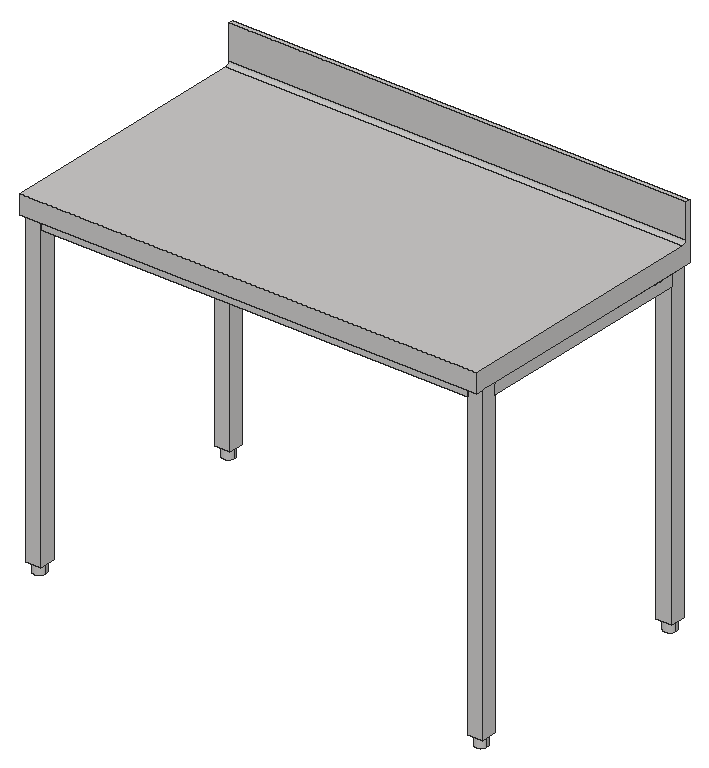
Revit family "QF_ELECTROLUXPROFESSIONAL_134013_GTG1210E", category Attrezzature speciali, Revit 2020
Family settings
  Quota connettore circolare = Usa diametro
  Tipo di parte = Normale
  Basato su piano di lavoro = No
  Sempre verticale = Sì
  Taglio con vuoti quando caricato = No
  Condiviso = No
  Punto di calcolo locali = No
Parameters (values of type "Standard")
  Weight = 38.50 kg
  Watts = 0 W
  Volts = 0 V
  URL Manufacturer = "https://www.electroluxprofessional.com/"
  URL = "https://www.electroluxprofessional.com/"
  Steam Supply Size = 0 mm
  Steam Supply Minimum Pressure = 0.0 Pa
  Steam Supply Maximum Pressure = 0.0 Pa
  Steam Consumption per Hour = 0
  Refrigeration Suction Line Size = 0.0 mm
  Refrigeration Liquid Line Size = 0.0 mm
  Refrigerant Compressor Remote = yes
  Prospetto di default = 0.0 mm
  Produttore = "Electrolux Professional"
  Phase = 0
  Modello = "GTG1210E"
  Length Actual = 1200.0 mm  # constant formula
  Item Number = "134013"
  Hot Water Size = 0 mm
  Height Actual = 1000.0 mm  # constant formula
  HP = "0 HP"
  Gas Size = 0 mm
  Gas KW = 0
  Gas Input Pressure = 0 W
  Direct Waste Size = 0 mm
  Descrizione = "WORK TABLE WITH UPSTAND 1200 MM"
  Depth Actual = 700.0 mm  # constant formula
  Cycle = 0 Hz
  Condensate Return Size = 0 mm
  Compressed Air Volume = 0.0 L/s
  Compressed Air Size = 0 mm
  Compressed Air Pressure = 0.0 Pa
  Cold Water Size = 0 mm
  Accessory = yes
Reference planes
  plane 1 "Center (Front/Back)": y = 0
  plane 2: z = 0
  plane 3 "Center (Left/Right)": x = -100
  plane 4 "LEFT": x = -700
  plane 5 "RIGHT": x = 500
  plane 6 "BACK": y = 350
  plane 7 "FRONT": y = -350
  plane 8 "Base": z = 850
  plane 9 "TOP": z = 900
  plane 10: x = -680
  plane 11: x = 480
  plane 12: y = 310
  plane 13: y = -310
  plane 14 "TRAVERSI": z = 820
  plane 15: x = -660
  plane 16: x = 460
  plane 17: y = 290
  plane 18: y = -290
  plane 19: y = 330
  plane 20: y = -330
Forms (mm)
  Extrusion 1, solid, material "QF_Finishes_Stainless Steel"
    sketch origin (-100, 0, 0) x (0, 1, 0) y (0, 0, 1)
      loop
        line (-350, 850) -> (350, 850) -> (350, 1000) -> (337, 1000) -> (337, 910)
        arc (337, 910) -> (334.071, 902.929) -> (327, 900) r 10
        line (327, 900) -> (-350, 900) -> (-350, 850)
    from 600 to -600
  Extrusion 2, solid, material "QF_Finishes_Stainless Steel"
    sketch origin (0, 0, 820) x (0, 1, 0) y (-1, 0, 0)
      loop
        line (290, -460) -> (-290, -460) -> (-290, -500) -> (290, -500) -> (290, -460)
      loop
        line (290, 700) -> (-290, 700) -> (-290, 660) -> (290, 660) -> (290, 700)
    from 0 to 30
  Extrusion 3, solid, material "QF_Finishes_Stainless Steel"
    sketch origin (0, 0, 820) x (0, 1, 0) y (-1, 0, 0)
      loop
        line (330, -460) -> (330, 660) -> (290, 660) -> (290, -460) -> (330, -460)
      loop
        line (-290, 660) -> (-330, 660) -> (-330, -460) -> (-290, -460) -> (-290, 660)
    from 0 to 30
Lines and regions (mm)
  symbolic lines
    curve 1: line (500, 350, 900) -> (-700, 350, 900)
    curve 2: line (-700, 350, 900) -> (-700, -350, 900)
    curve 3: line (-700, -350, 900) -> (500, -350, 900)
    curve 4: line (500, -350, 900) -> (500, 350, 900)
    curve 5: line (-700, 337, 820) -> (500, 337, 820)
Dimensions and locks
  plane 4 "LEFT" to plane 5 "RIGHT" = 1200.0 mm
  equal spacing: plane 4 "LEFT", plane 3 "Center (Left/Right)", plane 5 "RIGHT"
  plane 4 "LEFT" to plane 10 = 20.0 mm
  plane 11 to plane 5 "RIGHT" = 20.0 mm
  plane 10 to plane 11 = 1160.0 mm
  plane 6 "BACK" to plane 12 = 40.0 mm
  plane 13 to plane 7 "FRONT" = 40.0 mm
  plane 6 "BACK" to plane 7 "FRONT" = 700.0 mm
  plane 12 to plane 13 = 620.0 mm
  equal spacing: plane 6 "BACK", plane 1 "Center (Front/Back)", plane 7 "FRONT"
  plane 8 "Base" to plane 14 "TRAVERSI" = 30.0 mm
  locked: plane 10 to plane 15 at 20
  locked: plane 16 to plane 11 at 20
  locked: plane 19 to plane 12 at 20
  locked: plane 12 to plane 17 at 20
  locked: plane 18 to plane 13 at 20
  locked: plane 13 to plane 20 at 20
  locked: plane 8 "Base" to level at 850
  locked: Extrusion 1 to level at 1000
  aligned and locked: level to plane 2
  aligned and locked: plane 10 to nested 1
  aligned and locked: nested 1 to plane 13
  aligned and locked: plane 11 to nested 2
  aligned and locked: nested 2 to plane 13
  aligned and locked: plane 11 to nested 4
  aligned and locked: nested 4 to plane 12
  aligned and locked: plane 10 to nested 3
  aligned and locked: nested 3 to plane 12
  aligned and locked: Extrusion 1 to plane 4 "LEFT"
  aligned and locked: plane 5 "RIGHT" to Extrusion 1
  aligned and locked: curve 2 to plane 4 "LEFT"
  aligned and locked: Extrusion 2 sketch curve to plane 5 "RIGHT"
  aligned and locked: Extrusion 2 sketch curve to plane 17  (x2)
  aligned and locked: plane 16 to Extrusion 2 sketch curve
  aligned and locked: plane 18 to Extrusion 2 sketch curve  (x2)
  aligned and locked: plane 4 "LEFT" to Extrusion 2 sketch curve
  aligned and locked: Extrusion 2 sketch curve to plane 15
  aligned and locked: plane 19 to Extrusion 3 sketch curve
  aligned and locked: Extrusion 3 sketch curve to plane 17
  aligned and locked: Extrusion 3 sketch curve to plane 18
  aligned and locked: plane 20 to Extrusion 3 sketch curve
  aligned and locked: Extrusion 3 sketch curve to plane 15
  aligned and locked: plane 15 to Extrusion 3 sketch curve
  aligned and locked: plane 16 to Extrusion 3 sketch curve
  aligned and locked: Extrusion 3 sketch curve to plane 16
  aligned and locked: curve 5 to Extrusion 1
Automatic sketch dimensions
  curve 3 to plane 7 "FRONT" = 0.0 mm
  curve 4 to plane 6 "BACK" = 0.0 mm
  curve 4 to plane 5 "RIGHT" = 0.0 mm
  Extrusion 1 sketch curve to plane 7 "FRONT" = 0.0 mm
  Extrusion 1 sketch curve to plane 9 "TOP" = 0.0 mm
  Extrusion 1 sketch curve to plane 6 "BACK" = 0.0 mm
  Extrusion 1 sketch curve to plane 8 "Base" = 0.0 mm
  Extrusion 1 sketch curve to plane 19 = 3.0 mm
  plane 19 to Extrusion 1 sketch curve = 7.0 mm
  Extrusion 1 sketch curve to Extrusion 1 sketch curve = 90.0 mm
  curve 5 to plane 5 "RIGHT" = 0.0 mm
  curve 5 to plane 4 "LEFT" = 0.0 mm
Nested families
  nested 1: "FEET_40x40_R" at (-680, -310, 0), type "FEET_40x40_R"
  nested 2: "FEET_40x40_R" at (480, -310, 0), type "FEET_40x40_R"
  nested 3: "FEET_40x40_R" at (-680, 310, 0), type "FEET_40x40_R"
  nested 4: "FEET_40x40_R" at (480, 310, 0), type "FEET_40x40_R"
Definition of nested family "FEET_40x40_R"
  Parameters
    Default Elevation = 0.0 mm
    FEET = 850.0 mm
  Reference planes
    plane 1 "Center (Front/Back)": y = 0
    plane 2: z = 0
    plane 3 "Center (Left/Right)": x = 0
    plane 4: z = 850
  Forms (mm)
    Extrusion 1, solid
      sketch origin (0, 0, 0) x (1, 0, 0) y (0, 1, 0)
        loop
          line (-20, -20) -> (20, -20) -> (20, 20) -> (-20, 20) -> (-20, -20)
      from 25 to 850
    Extrusion 2, solid
      sketch origin (0, 0, 0) x (1, 0, 0) y (0, 1, 0)
        loop
          circle (0, 0) r 16
      from 0 to 25
  Lines and regions (mm)
    symbolic lines
      curve 1: line (0, -1.503, 0) -> (0, 1.508, 0)
      curve 2: line (1.561, 0, 0) -> (-1.439, 0, 0)
  Dimensions and locks
    "FEET": plane 4 to plane 2
    aligned and locked: level to plane 2
  Automatic sketch dimensions
    Extrusion 1 sketch curve to plane 3 "Center (Left/Right)" = 20.0 mm
    plane 3 "Center (Left/Right)" to Extrusion 1 sketch curve = 20.0 mm
    plane 1 "Center (Front/Back)" to Extrusion 1 sketch curve = 20.0 mm
    Extrusion 1 sketch curve to plane 1 "Center (Front/Back)" = 20.0 mm
    plane 1 "Center (Front/Back)" to Extrusion 2 sketch curve = 0.0 mm
    Extrusion 2 sketch curve to plane 3 "Center (Left/Right)" = 0.0 mm
    plane 1 "Center (Front/Back)" to curve 2 = 0.0 mm
    curve 1 to plane 3 "Center (Left/Right)" = 0.0 mm
    curve 2 to plane 3 "Center (Left/Right)" = 1.439 mm
    plane 3 "Center (Left/Right)" to curve 2 = 1.561 mm
    plane 1 "Center (Front/Back)" to curve 1 = 1.503 mm
    curve 1 to plane 1 "Center (Front/Back)" = 1.508 mm
    radius of Extrusion 2 sketch curve = 16.0 mm
